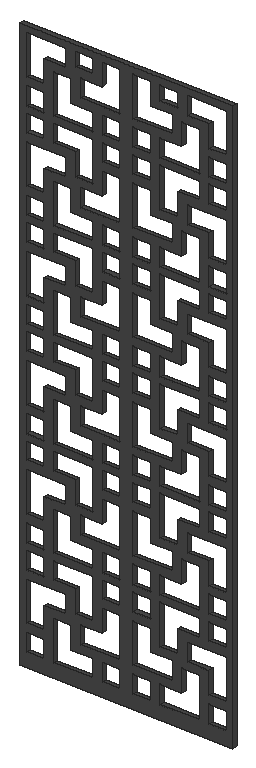
Revit family "Biombo square - mentha", category Mobiliário, Revit 2020
Family settings
  Número OmniClass = 23.40.20.00
  Título OmniClass = General Furniture and Specialties
  Com base no plano de trabalho = Não
  Sempre na vertical = Sim
  Corte com vazios quando carregada = Não
  Compartilhado = Não
  Ponto de cálculo do ambiente = Não
Parameters
  PRETO = ALUMÍNIO
  Elevação padrão = 0 mm
Reference planes
  plane 1 "Centro (Frente/Trás)": y = 0
  plane 2: z = 0
  plane 3 "Centro (Esquerda/Direita)": x = 0
Forms (mm)
  Extrusion 1, solid, material "ALUMÍNIO" <- "PRETO"
    sketch origin (515.208, -33.794, 275) x (0, 0, -1) y (-1, 0, 0)
      loop
        line (-2425, 0) -> (275, 0) -> (275, 1000) -> (-2425, 1000) -> (-2425, 0)
      loop
        line (125.895, 886.61) -> (210.8, 886.61) -> (210.8, 970) -> (125.895, 970) -> (125.895, 886.61)
      loop
        line (210.8, 843.511) -> (22.809, 843.511) -> (22.809, 760.12) -> (125.895, 760.12) -> (125.895, 656.864) -> (210.8, 656.864) -> (210.8, 843.511)
      loop
        line (125.895, 530.363) -> (210.8, 530.363) -> (210.8, 613.766) -> (125.895, 613.766) -> (125.895, 530.363)
      loop
        line (-218.627, 530.363) -> (-135.751, 530.363) -> (-135.751, 613.766) -> (-218.627, 613.766) -> (-218.627, 530.363)
      loop
        line (-218.628, 886.61) -> (-135.751, 886.61) -> (-135.751, 970) -> (-218.628, 970) -> (-218.628, 886.61)
      loop
        line (-13.012, 785.346) -> (-13.012, 886.61) -> (90.078, 886.61) -> (90.078, 970) -> (-97.901, 970) -> (-97.901, 785.346) -> (-13.012, 785.346)
      loop
        line (5.184, 715.027) -> (5.184, 613.766) -> (-97.901, 613.766) -> (-97.901, 530.363) -> (90.078, 530.363) -> (90.078, 715.027) -> (5.184, 715.027)
      loop
        line (-30.637, 656.864) -> (-30.637, 740.254) -> (-135.751, 740.254) -> (-135.751, 843.511) -> (-218.628, 843.511) -> (-218.628, 656.864) -> (-30.637, 656.864)
      loop
        line (125.895, 113.39) -> (125.895, 30) -> (210.8, 30) -> (210.8, 113.39) -> (125.895, 113.39)
      loop
        line (210.8, 156.489) -> (210.8, 343.136) -> (125.895, 343.136) -> (125.895, 239.88) -> (22.809, 239.88) -> (22.809, 156.489) -> (210.8, 156.489)
      loop
        line (125.895, 469.637) -> (125.895, 386.234) -> (210.8, 386.234) -> (210.8, 469.637) -> (125.895, 469.637)
      loop
        line (-218.627, 469.637) -> (-218.627, 386.234) -> (-135.751, 386.234) -> (-135.751, 469.637) -> (-218.627, 469.637)
      loop
        line (-218.628, 113.39) -> (-218.628, 30) -> (-135.751, 30) -> (-135.751, 113.39) -> (-218.628, 113.39)
      loop
        line (-13.012, 214.654) -> (-97.901, 214.654) -> (-97.901, 30) -> (90.078, 30) -> (90.078, 113.39) -> (-13.012, 113.39) -> (-13.012, 214.654)
      loop
        line (5.184, 284.973) -> (90.078, 284.973) -> (90.078, 469.637) -> (-97.901, 469.637) -> (-97.901, 386.234) -> (5.184, 386.234) -> (5.184, 284.973)
      loop
        line (-30.637, 343.136) -> (-218.628, 343.136) -> (-218.628, 156.489) -> (-135.751, 156.489) -> (-135.751, 259.746) -> (-30.637, 259.746) -> (-30.637, 343.136)
      loop
        line (-333.532, 886.61) -> (-248.627, 886.61) -> (-248.627, 970) -> (-333.532, 970) -> (-333.532, 886.61)
      loop
        line (-248.627, 843.511) -> (-436.618, 843.511) -> (-436.618, 760.12) -> (-333.532, 760.12) -> (-333.532, 656.864) -> (-248.627, 656.864) -> (-248.627, 843.511)
      loop
        line (-333.532, 530.363) -> (-248.627, 530.363) -> (-248.627, 613.766) -> (-333.532, 613.766) -> (-333.532, 530.363)
      loop
        line (-678.054, 530.363) -> (-595.178, 530.363) -> (-595.178, 613.766) -> (-678.054, 613.766) -> (-678.054, 530.363)
      loop
        line (-678.055, 886.61) -> (-595.178, 886.61) -> (-595.178, 970) -> (-678.055, 970) -> (-678.055, 886.61)
      loop
        line (-472.439, 785.346) -> (-472.439, 886.61) -> (-369.349, 886.61) -> (-369.349, 970) -> (-557.328, 970) -> (-557.328, 785.346) -> (-472.439, 785.346)
      loop
        line (-454.244, 715.027) -> (-454.244, 613.766) -> (-557.328, 613.766) -> (-557.328, 530.363) -> (-369.349, 530.363) -> (-369.349, 715.027) -> (-454.244, 715.027)
      loop
        line (-490.065, 656.864) -> (-490.065, 740.254) -> (-595.178, 740.254) -> (-595.178, 843.511) -> (-678.055, 843.511) -> (-678.055, 656.864) -> (-490.065, 656.864)
      loop
        line (-333.532, 113.39) -> (-333.532, 30) -> (-248.627, 30) -> (-248.627, 113.39) -> (-333.532, 113.39)
      loop
        line (-248.627, 156.489) -> (-248.627, 343.136) -> (-333.532, 343.136) -> (-333.532, 239.88) -> (-436.618, 239.88) -> (-436.618, 156.489) -> (-248.627, 156.489)
      loop
        line (-333.532, 469.637) -> (-333.532, 386.234) -> (-248.627, 386.234) -> (-248.627, 469.637) -> (-333.532, 469.637)
      loop
        line (-678.054, 469.637) -> (-678.054, 386.234) -> (-595.178, 386.234) -> (-595.178, 469.637) -> (-678.054, 469.637)
      loop
        line (-678.055, 113.39) -> (-678.055, 30) -> (-595.178, 30) -> (-595.178, 113.39) -> (-678.055, 113.39)
      loop
        line (-472.439, 214.654) -> (-557.328, 214.654) -> (-557.328, 30) -> (-369.349, 30) -> (-369.349, 113.39) -> (-472.439, 113.39) -> (-472.439, 214.654)
      loop
        line (-454.244, 284.973) -> (-369.349, 284.973) -> (-369.349, 469.637) -> (-557.328, 469.637) -> (-557.328, 386.234) -> (-454.244, 386.234) -> (-454.244, 284.973)
      loop
        line (-490.065, 343.136) -> (-678.055, 343.136) -> (-678.055, 156.489) -> (-595.178, 156.489) -> (-595.178, 259.746) -> (-490.065, 259.746) -> (-490.065, 343.136)
      loop
        line (-792.959, 886.61) -> (-708.054, 886.61) -> (-708.054, 970) -> (-792.959, 970) -> (-792.959, 886.61)
      loop
        line (-708.054, 843.511) -> (-896.045, 843.511) -> (-896.045, 760.12) -> (-792.959, 760.12) -> (-792.959, 656.864) -> (-708.054, 656.864) -> (-708.054, 843.511)
      loop
        line (-792.959, 530.363) -> (-708.054, 530.363) -> (-708.054, 613.766) -> (-792.959, 613.766) -> (-792.959, 530.363)
      loop
        line (-1137.482, 530.363) -> (-1054.606, 530.363) -> (-1054.606, 613.766) -> (-1137.482, 613.766) -> (-1137.482, 530.363)
      loop
        line (-1137.482, 886.61) -> (-1054.606, 886.61) -> (-1054.606, 970) -> (-1137.482, 970) -> (-1137.482, 886.61)
      loop
        line (-931.866, 785.346) -> (-931.866, 886.61) -> (-828.776, 886.61) -> (-828.776, 970) -> (-1016.756, 970) -> (-1016.756, 785.346) -> (-931.866, 785.346)
      loop
        line (-913.671, 715.027) -> (-913.671, 613.766) -> (-1016.756, 613.766) -> (-1016.756, 530.363) -> (-828.776, 530.363) -> (-828.776, 715.027) -> (-913.671, 715.027)
      loop
        line (-949.492, 656.864) -> (-949.492, 740.254) -> (-1054.606, 740.254) -> (-1054.606, 843.511) -> (-1137.482, 843.511) -> (-1137.482, 656.864) -> (-949.492, 656.864)
      loop
        line (-792.959, 113.39) -> (-792.959, 30) -> (-708.054, 30) -> (-708.054, 113.39) -> (-792.959, 113.39)
      loop
        line (-708.054, 156.489) -> (-708.054, 343.136) -> (-792.959, 343.136) -> (-792.959, 239.88) -> (-896.045, 239.88) -> (-896.045, 156.489) -> (-708.054, 156.489)
      loop
        line (-792.959, 469.637) -> (-792.959, 386.234) -> (-708.054, 386.234) -> (-708.054, 469.637) -> (-792.959, 469.637)
      loop
        line (-1137.482, 469.637) -> (-1137.482, 386.234) -> (-1054.606, 386.234) -> (-1054.606, 469.637) -> (-1137.482, 469.637)
      loop
        line (-1137.482, 113.39) -> (-1137.482, 30) -> (-1054.606, 30) -> (-1054.606, 113.39) -> (-1137.482, 113.39)
      loop
        line (-931.866, 214.654) -> (-1016.756, 214.654) -> (-1016.756, 30) -> (-828.776, 30) -> (-828.776, 113.39) -> (-931.866, 113.39) -> (-931.866, 214.654)
      loop
        line (-913.671, 284.973) -> (-828.776, 284.973) -> (-828.776, 469.637) -> (-1016.756, 469.637) -> (-1016.756, 386.234) -> (-913.671, 386.234) -> (-913.671, 284.973)
      loop
        line (-949.492, 343.136) -> (-1137.482, 343.136) -> (-1137.482, 156.489) -> (-1054.606, 156.489) -> (-1054.606, 259.746) -> (-949.492, 259.746) -> (-949.492, 343.136)
      loop
        line (-1252.387, 886.61) -> (-1167.482, 886.61) -> (-1167.482, 970) -> (-1252.387, 970) -> (-1252.387, 886.61)
      loop
        line (-1167.482, 843.511) -> (-1355.472, 843.511) -> (-1355.472, 760.12) -> (-1252.387, 760.12) -> (-1252.387, 656.864) -> (-1167.482, 656.864) -> (-1167.482, 843.511)
      loop
        line (-1252.387, 530.363) -> (-1167.482, 530.363) -> (-1167.482, 613.766) -> (-1252.387, 613.766) -> (-1252.387, 530.363)
      loop
        line (-1596.909, 530.363) -> (-1514.033, 530.363) -> (-1514.033, 613.766) -> (-1596.909, 613.766) -> (-1596.909, 530.363)
      loop
        line (-1596.91, 886.61) -> (-1514.033, 886.61) -> (-1514.033, 970) -> (-1596.91, 970) -> (-1596.91, 886.61)
      loop
        line (-1391.293, 785.346) -> (-1391.293, 886.61) -> (-1288.204, 886.61) -> (-1288.204, 970) -> (-1476.183, 970) -> (-1476.183, 785.346) -> (-1391.293, 785.346)
      loop
        line (-1373.098, 715.027) -> (-1373.098, 613.766) -> (-1476.183, 613.766) -> (-1476.183, 530.363) -> (-1288.204, 530.363) -> (-1288.204, 715.027) -> (-1373.098, 715.027)
      loop
        line (-1408.919, 656.864) -> (-1408.919, 740.254) -> (-1514.033, 740.254) -> (-1514.033, 843.511) -> (-1596.91, 843.511) -> (-1596.91, 656.864) -> (-1408.919, 656.864)
      loop
        line (-1252.387, 113.39) -> (-1252.387, 30) -> (-1167.482, 30) -> (-1167.482, 113.39) -> (-1252.387, 113.39)
      loop
        line (-1167.482, 156.489) -> (-1167.482, 343.136) -> (-1252.387, 343.136) -> (-1252.387, 239.88) -> (-1355.472, 239.88) -> (-1355.472, 156.489) -> (-1167.482, 156.489)
      loop
        line (-1252.387, 469.637) -> (-1252.387, 386.234) -> (-1167.482, 386.234) -> (-1167.482, 469.637) -> (-1252.387, 469.637)
      loop
        line (-1596.909, 469.637) -> (-1596.909, 386.234) -> (-1514.033, 386.234) -> (-1514.033, 469.637) -> (-1596.909, 469.637)
      loop
        line (-1596.91, 113.39) -> (-1596.91, 30) -> (-1514.033, 30) -> (-1514.033, 113.39) -> (-1596.91, 113.39)
      loop
        line (-1391.293, 214.654) -> (-1476.183, 214.654) -> (-1476.183, 30) -> (-1288.204, 30) -> (-1288.204, 113.39) -> (-1391.293, 113.39) -> (-1391.293, 214.654)
      loop
        line (-1373.098, 284.973) -> (-1288.204, 284.973) -> (-1288.204, 469.637) -> (-1476.183, 469.637) -> (-1476.183, 386.234) -> (-1373.098, 386.234) -> (-1373.098, 284.973)
      loop
        line (-1408.919, 343.136) -> (-1596.91, 343.136) -> (-1596.91, 156.489) -> (-1514.033, 156.489) -> (-1514.033, 259.746) -> (-1408.919, 259.746) -> (-1408.919, 343.136)
      loop
        line (-1711.814, 886.61) -> (-1626.909, 886.61) -> (-1626.909, 970) -> (-1711.814, 970) -> (-1711.814, 886.61)
      loop
        line (-1626.909, 843.511) -> (-1814.899, 843.511) -> (-1814.899, 760.12) -> (-1711.814, 760.12) -> (-1711.814, 656.864) -> (-1626.909, 656.864) -> (-1626.909, 843.511)
      loop
        line (-1711.814, 530.363) -> (-1626.909, 530.363) -> (-1626.909, 613.766) -> (-1711.814, 613.766) -> (-1711.814, 530.363)
      loop
        line (-2056.336, 530.363) -> (-1973.46, 530.363) -> (-1973.46, 613.766) -> (-2056.336, 613.766) -> (-2056.336, 530.363)
      loop
        line (-2056.337, 886.61) -> (-1973.46, 886.61) -> (-1973.46, 970) -> (-2056.337, 970) -> (-2056.337, 886.61)
      loop
        line (-1850.72, 785.346) -> (-1850.72, 886.61) -> (-1747.631, 886.61) -> (-1747.631, 970) -> (-1935.61, 970) -> (-1935.61, 785.346) -> (-1850.72, 785.346)
      loop
        line (-1832.525, 715.027) -> (-1832.525, 613.766) -> (-1935.61, 613.766) -> (-1935.61, 530.363) -> (-1747.631, 530.363) -> (-1747.631, 715.027) -> (-1832.525, 715.027)
      loop
        line (-1868.346, 656.864) -> (-1868.346, 740.254) -> (-1973.46, 740.254) -> (-1973.46, 843.511) -> (-2056.337, 843.511) -> (-2056.337, 656.864) -> (-1868.346, 656.864)
      loop
        line (-1711.814, 113.39) -> (-1711.814, 30) -> (-1626.909, 30) -> (-1626.909, 113.39) -> (-1711.814, 113.39)
      loop
        line (-1626.909, 156.489) -> (-1626.909, 343.136) -> (-1711.814, 343.136) -> (-1711.814, 239.88) -> (-1814.899, 239.88) -> (-1814.899, 156.489) -> (-1626.909, 156.489)
      loop
        line (-1711.814, 469.637) -> (-1711.814, 386.234) -> (-1626.909, 386.234) -> (-1626.909, 469.637) -> (-1711.814, 469.637)
      loop
        line (-2056.336, 469.637) -> (-2056.336, 386.234) -> (-1973.46, 386.234) -> (-1973.46, 469.637) -> (-2056.336, 469.637)
      loop
        line (-2056.337, 113.39) -> (-2056.337, 30) -> (-1973.46, 30) -> (-1973.46, 113.39) -> (-2056.337, 113.39)
      loop
        line (-1850.72, 214.654) -> (-1935.61, 214.654) -> (-1935.61, 30) -> (-1747.631, 30) -> (-1747.631, 113.39) -> (-1850.72, 113.39) -> (-1850.72, 214.654)
      loop
        line (-1832.525, 284.973) -> (-1747.631, 284.973) -> (-1747.631, 469.637) -> (-1935.61, 469.637) -> (-1935.61, 386.234) -> (-1832.525, 386.234) -> (-1832.525, 284.973)
      loop
        line (-1868.346, 343.136) -> (-2056.337, 343.136) -> (-2056.337, 156.489) -> (-1973.46, 156.489) -> (-1973.46, 259.746) -> (-1868.346, 259.746) -> (-1868.346, 343.136)
      loop
        line (-2171.241, 886.61) -> (-2086.336, 886.61) -> (-2086.336, 970) -> (-2171.241, 970) -> (-2171.241, 886.61)
      loop
        line (-2086.336, 843.511) -> (-2274.327, 843.511) -> (-2274.327, 760.12) -> (-2171.241, 760.12) -> (-2171.241, 656.864) -> (-2086.336, 656.864) -> (-2086.336, 843.511)
      loop
        line (-2171.241, 530.363) -> (-2086.336, 530.363) -> (-2086.336, 613.766) -> (-2171.241, 613.766) -> (-2171.241, 530.363)
      loop
        line (-2310.148, 785.346) -> (-2310.148, 886.61) -> (-2207.058, 886.61) -> (-2207.058, 970) -> (-2395.037, 970) -> (-2395.037, 785.346) -> (-2310.148, 785.346)
      loop
        line (-2291.952, 715.027) -> (-2291.952, 613.766) -> (-2395.037, 613.766) -> (-2395.037, 530.363) -> (-2207.058, 530.363) -> (-2207.058, 715.027) -> (-2291.952, 715.027)
      loop
        line (-2327.773, 656.864) -> (-2327.773, 740.254) -> (-2395.037, 740.254) -> (-2395.037, 656.864) -> (-2327.773, 656.864)
      loop
        line (-2171.241, 113.39) -> (-2171.241, 30) -> (-2086.336, 30) -> (-2086.336, 113.39) -> (-2171.241, 113.39)
      loop
        line (-2086.336, 156.489) -> (-2086.336, 343.136) -> (-2171.241, 343.136) -> (-2171.241, 239.88) -> (-2274.327, 239.88) -> (-2274.327, 156.489) -> (-2086.336, 156.489)
      loop
        line (-2171.241, 469.637) -> (-2171.241, 386.234) -> (-2086.336, 386.234) -> (-2086.336, 469.637) -> (-2171.241, 469.637)
      loop
        line (-2310.148, 214.654) -> (-2395.037, 214.654) -> (-2395.037, 30) -> (-2207.058, 30) -> (-2207.058, 113.39) -> (-2310.148, 113.39) -> (-2310.148, 214.654)
      loop
        line (-2291.952, 284.973) -> (-2207.058, 284.973) -> (-2207.058, 469.637) -> (-2395.037, 469.637) -> (-2395.037, 386.234) -> (-2291.952, 386.234) -> (-2291.952, 284.973)
      loop
        line (-2327.773, 343.136) -> (-2395.037, 343.136) -> (-2395.037, 259.746) -> (-2327.773, 259.746) -> (-2327.773, 343.136)
    from 0 to 20
Dimensions and locks
  aligned and locked: level to plane 2
